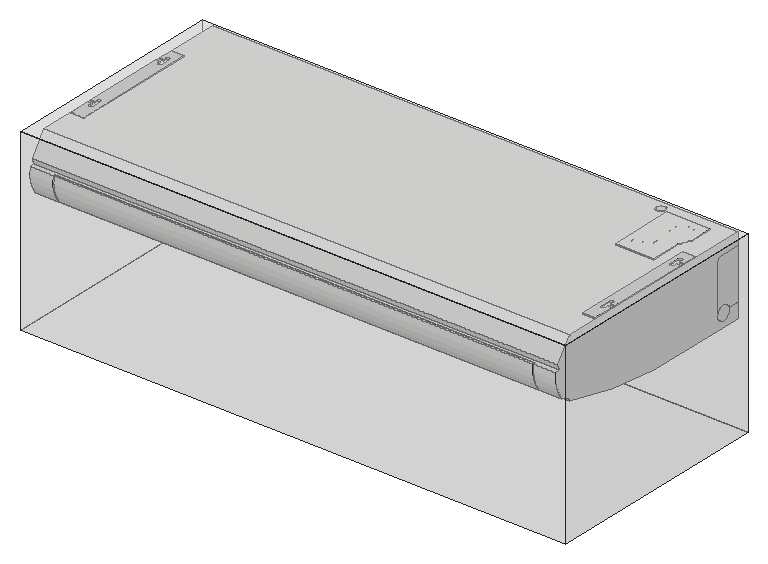
Revit family "outputfile", category 機械設備, Revit 2024
Family settings
  丸型コネクタ寸法 = 半径を使用
  パーツ タイプ = 標準
  OmniClass 番号 = 23.75.10.24.21.27.27
  OmniClass タイトル = Split System Air Conditioning Units
  作業面ベース = いいえ
  常に垂直 = はい
  ロード時にボイドで切り取り = いいえ
  注釈の向きを維持 = いいえ
  共有 = いいえ
  部屋計算ポイント = はい
Parameters (values of type "FHA42CV2S")
  Description = ""
  製造元 = "Daikin"
  書き出し IFC クラス(タイプ) = "IfcUnitaryEquipmentType"
  定義済み IFC タイプ(タイプ) = "AIRCONDITIONINGUNIT"
  Cost = 0
  モデル = "FHA42CV2S"
  Type Comments = ""
  Keynote = ""
  Type Image = (empty or 0)
  Assembly Code = ""
  switch_frequency = yes
  r_Liquid Pipe Size = Liquid Pipe Size / 2  # 4.75 mm
  r_Gas Pipe Size = Gas Pipe Size / 2  # 7.95 mm
  r_Drain Pipe Size = Drain Pipe Size / 2  # 10.0 mm
  l_powersupply [instance] = if(Rear Right Connection_powersupply, 29.0 mm, 175.0 mm)  # 29.0 mm
  h_mountinghole = 2.0 mm  # constant formula
  connector_voltage = Voltage_50Hz  # 220 V
  connector_powerinput = [Power Input (Cooling)]  # 0.000 kW
  connector_phase = Phase_50Hz  # 1
  angle_vertical_powersupply [instance] = if(Rear Right Connection_powersupply, 90.00°, 180.00°)  # 90.00°
  angle_vertical_drainpipe [instance] = if(or(Left Connection_drainpipe, Right Connection_drainpipe), 90.00°, if(Top Connection_drainpipe, 180.00°, -90.00°))  # -90.00°
  angle_horizontal_powersupply [instance] = if(Rear Right Connection_powersupply, 180.00°, 0.00°)  # 180.00°
  angle_horizontal_drainpipe [instance] = if(Right Connection_drainpipe, 90.00°, if(Left Connection_drainpipe, -90.00°, 0.00°))  # 0.00°
  Voltage_comment_50Hz = "220 - 240"
  Voltage_50Hz = 220 V
  URL = ""
  Top Connection_refrigerant [instance] = no
  Top Connection_powersupply [instance] = not(Rear Right Connection_powersupply)  # no
  Right Connection_refrigerant [instance] = no
  Rear Right Connection_refrigerant [instance] = yes
  Phase_50Hz = 1
  Minimum Circuit Amps_50Hz = 0.0 A
  Maximum Fuse Amps_50Hz = 0.0 A
  Material_Casing = DAIKIN_White_Casing_indoorunit
  lw_powersupply [instance] = if(Rear Right Connection_powersupply, 220.0 mm, 210.0 mm)  # 220.0 mm
  lw_mountinghole_pitch = Width - 40.0 mm  # 1550.0 mm
  lw_mountinghole = 20.0 mm  # constant formula
  lw_liquidpipe [instance] = if(Right Connection_refrigerant, 156.0 mm, if(Top Connection_refrigerant, 156.0 mm, 136.0 mm))  # 136.0 mm
  lw_gaspipe = 105.0 mm  # constant formula
  lw_drainpipe [instance] = if(Top Connection_drainpipe, 102.0 mm, if(Width = 960.0 mm, if(or(Left Connection_drainpipe, Rear Left Connection_drainpipe), 884.0 mm, 83.0 mm), if(Width = 1270.0 mm, if(or(Left Connection_drainpipe, Rear Left Connection_drainpipe), 1194.0 mm, 83.0 mm), if(Width = 1590.0 mm, if(or(Left Connection_drainpipe, Rear Left Connection_drainpipe), 1514.0 mm, 83.0 mm), 83.0 mm))))  # 83.0 mm
  lh_powersupply = 175.0 mm  # constant formula
  lh_liquidpipe [instance] = if(Rear Right Connection_refrigerant, 160.0 mm, 131.0 mm)  # 160.0 mm
  lh_gaspipe [instance] = if(Rear Right Connection_refrigerant, 150.0 mm, 91.0 mm)  # 150.0 mm
  lh_drainpipe = 197.0 mm  # constant formula
  l_antena = 1.0 mm  # constant formula
  ld_powersupply = 30.0 mm  # constant formula
  ld_mountinghole_pitch = 260.0 mm  # constant formula
  ld_mountinghole = 210.0 mm  # constant formula
  ld_liquidpipe [instance] = if(Right Connection_refrigerant, 57.0 mm, if(Top Connection_refrigerant, 189.0 mm, 221.0 mm))  # 221.0 mm
  ld_gaspipe [instance] = if(Right Connection_refrigerant, 57.0 mm, if(Top Connection_refrigerant, 163.0 mm, 214.0 mm))  # 214.0 mm
  ld_drainpipe [instance] = if(or(Left Connection_drainpipe, Right Connection_drainpipe), 57.0 mm, if(Top Connection_drainpipe, 87.0 mm, 268.0 mm))  # 268.0 mm
  l_liquidpipe_length [instance] = if(Right Connection_refrigerant, 156.0 mm, if(Top Connection_refrigerant, 131.0 mm, 220.0 mm))  # 220.0 mm
  l_gaspipe_length [instance] = if(Right Connection_refrigerant, 105.0 mm, if(Top Connection_refrigerant, 91.0 mm, 213.0 mm))  # 213.0 mm
  l_drainpipe_length [instance] = if(Right Connection_drainpipe, 83.0 mm, if(Top Connection_drainpipe, 197.0 mm, if(Left Connection_drainpipe, 76.0 mm, 267.0 mm)))  # 267.0 mm
  h*** = 0.0 mm  # constant formula
  angle_vertical [instance] = if(Right Connection_refrigerant, 90.00°, if(Top Connection_refrigerant, 180.00°, -90.00°))  # -90.00°
  angle_horizontal [instance] = if(Right Connection_refrigerant, 90.00°, 0.00°)  # 0.00°
  Width = 1590.0 mm
  Version = "ver.1.0"
  Unit Type = "Ceiling"
  Unit Mass Weight = 38.00 kg
  Unit Designation [instance] = ""
  Uniclass2015Version = "Products v1.30"
  Uniclass2015Title = "Split coil room air conditioning units"
  Uniclass2015Code = "Pr_70_65_03_86"
  Total Cooling Capacity [instance] = 0.000 kW
  Top Connection_drainpipe [instance] = no
  Sound Pressure Level_M speed (dBA) = 41
  Sound Pressure Level_L speed (dBA) = 37
  Sound Pressure Level_H speed (dBA) = 44
  Series = "SkyAir_Fan Coil Unit"
  Sensible Cooling Capacity [instance] = 0.000 kW
  Rear Right Connection_drainpipe [instance] = yes
  Rear Right Connection_powersupply [instance] = yes
  Right Connection_drainpipe [instance] = no
  Refrigerant Type = "R32"
  Power Input (Cooling) = 0.000 kW
  Option Accessory 3 [instance] = ""
  Option Accessory 2 [instance] = ""
  Option Accessory 1 [instance] = ""
  Nominal Cooling Capacity = 12.300 kW
  Minimum Airflow = 1380.00 m³/h
  Median Airflow = 1620.00 m³/h
  Maximum Airflow = 1860.00 m³/h
  Load Classification = HVAC
  Liquid Pipe Size = 9.5 mm
  Link_Nested Family [instance] = ""
  Rear Left Connection_drainpipe [instance] = no
  Left Connection_drainpipe [instance] = no
  IfcVersion = ""
  IfcExportType = "AIRCONDITIONINGUNIT"
  IfcExportAs = "IfcUnitaryEquipmentType"
  Height = 235.0 mm
  Heat Exchanger Type = "Cross Fin Coil"
  Gas Pipe Size = 15.9 mm
  Frequency_50Hz = 50 Hz
  Fan Type = "Sirocco Fan"
  Fan Drive = "Direct Drive"
  FCU Tag No. [instance] = ""
  Drain Pipe Size = 20.0 mm
  Design Supply Airflow [instance] = 0.00 m³/h
  Design Outdoor Airflow [instance] = 0.00 m³/h
  Depth = 690.0 mm
  既定の高さ = 0.0 mm
  Cooling Entering Wet Bulb Temperature [instance] = 0.00 °C
  Cooling Entering Dry Bulb Temperature [instance] = 0.00 °C
  Cooling Ambient Wet Bulb Temperature [instance] = 0.00 °C
  Cooling Ambient Dry Bulb Temperature [instance] = 0.00 °C
  Clearance visibility [instance] = yes
  Clearance Top = 5.0 mm
  Clearance Right = 30.0 mm
  Clearance Rear = 0.0 mm
  Clearance Left = 30.0 mm
  Clearance Front = 0.0 mm
  Clearance Bottom = 300.0 mm
Reference planes
  plane 1 "Back": y = 0
  plane 2: z = 0
  plane 3 "Center (Left/Right)": x = 0
  plane 4 "Center (Front/Back)": y = -1
  plane 5 "Front": y = -690
  plane 6 "Left": x = -795
  plane 7 "Right": x = 795
  plane 8 "Top": z = 0
  plane 9 "Bottom": z = -235
  plane 10: y = -690
  plane 11: x = -825
  plane 12: x = 825
  plane 13: z = 5
  plane 14: z = -535
  plane 15: y = 0
  plane 16 "lw_mountinghole": x = -775
  plane 17 "lw_mountinghole2": x = 775
  plane 18 "ld_mountinghole": y = -210
  plane 19 "ld_mountinghole2": y = -470
  plane 20 "lw_gaspipe": x = 690
  plane 21 "ld_gaspipe": y = -214
  plane 22 "lh_gaspipe": z = -150
  plane 23 "lw_liquidpipe": x = 659
  plane 24 "ld_liquidpipe": y = -221
  plane 25 "lh_liquidpipe": z = -160
  plane 26 "ld_drainpipe": y = -268
  plane 27 "lw_drainpipe": x = 712
  plane 28 "lh_drainpipe": z = -197
  plane 29 "lw_powersupply": x = 575
  plane 30 "lh_powersupply": z = -175
  plane 31 "ld_powersupply": y = -30
  plane 32: x = -725.5
  plane 33: x = 725.5
  plane 34: x = -750
  plane 35: x = 750
  plane 36: x = -2
  plane 37: x = 2
Forms (mm)
  Extrusion 1, solid, material "DAIKIN_White_Casing_indoorunit" <- "Material_Casing"
    sketch origin (0, 0, 0) x (0, 1, 0) y (0, 0, 1)
      loop
        line (-639.277, 0) -> (-680.876, -61.699) -> (-675.026, -77.772)
        arc (-675.026, -77.772) -> (-681.815, -78.743) -> (-688.601, -79.732) r 2634.132
        arc (-688.601, -79.732) -> (-687.018, -121.096) -> (-669.159, -158.439) r 102.2
        line (-669.159, -158.439) -> (-639.858, -169.325) -> (-635.895, -178.261)
        arc (-635.895, -178.261) -> (-479.121, -215.759) -> (-319.077, -235) r 1400.997
        line (-319.077, -235) -> (-1, -235) -> (-1, 0) -> (-639.277, 0)
    from -795 to 795
  Extrusion 2, solid, material "DAIKIN_White_Casing_indoorunit" <- "Material_Casing"
    sketch origin (0, 0, 0) x (0, 1, 0) y (0, 0, 1)
      loop
        arc (-688.601, -79.732) -> (-687.018, -121.096) -> (-669.159, -158.439) r 102.2
        line (-669.159, -158.439) -> (-665.589, -154.869)
        arc (-665.589, -154.869) -> (-682.432, -118.783) -> (-683.39, -78.971) r 97.2
        arc (-683.39, -78.971) -> (-685.996, -79.351) -> (-688.601, -79.732) r 2634.132
    from -725.5 to 725.5
  Extrusion 3, void
    sketch origin (0, 0, 0) x (0, 1, 0) y (0, 0, 1)
      loop
        line (-301.098, -235) -> (-21.098, -235) -> (-21.098, -230) -> (-301.098, -230) -> (-301.098, -235)
    from -750 to 750
  Extrusion 4, solid, material "DAIKIN_White_Grille_indoorunit"
    sketch origin (0, 0, 0) x (0, 1, 0) y (0, 0, 1)
      loop
        line (-20.098, -230) -> (-301.098, -230) -> (-301.098, -235) -> (-20.098, -235) -> (-20.098, -230)
    from -750 to -2
  Extrusion 5, solid, material "DAIKIN_White_Casing_indoorunit" <- "Material_Casing"
    sketch origin (0, 0, 0) x (1, 0, 0) y (0, 0, 1)
      loop
        line (602, -63) -> (602, -178) -> (673, -220) -> (736, -220) -> (736, -63) -> (602, -63)
    from 0 to 1
  Extrusion 6, solid, material "DAIKIN_White_Casing_indoorunit" <- "Material_Casing"
    sketch origin (0, 0, 0) x (-1, 0, 0) y (0, -1, 0)
      loop
        line (-607, 35) -> (-607, 230) -> (-723, 230) -> (-723, 135) -> (-738, 105) -> (-738, 35) -> (-607, 35)
    from 0 to 1.9
  Extrusion 7, void
    sketch origin (795, 0, 0) x (0, 1, 0) y (0, 0, 1)
      loop
        arc (-79.5, -195) -> (-55.446, -217.446) -> (-34.715, -191.9) r 22.5
        line (-34.715, -191.9) -> (-1, -191.9) -> (-1, -190.1) -> (-35.04, -190.1)
        arc (-35.04, -190.1) -> (-54.942, -172.594) -> (-77.7, -186.182) r 22.5
        line (-77.7, -186.182) -> (-77.7, -43)
        arc (-77.7, -43) -> (-76.528, -40.172) -> (-73.7, -39) r 4
        line (-73.7, -39) -> (-1, -39) -> (-1, -37.2) -> (-73.7, -37.2)
        arc (-73.7, -37.2) -> (-77.801, -38.899) -> (-79.5, -43) r 5.8
        line (-79.5, -43) -> (-79.5, -195)
      loop
        circle (-57, -195) r 20.7
    from 0 to -10
  Extrusion 8, void
    sketch origin (-1444.026, -1, 1200) x (1, 0, 0) y (0, 0, 1)
      loop
        arc (715.026, -1375) -> (704.42, -1379.393) -> (700.026, -1390) r 15
        line (700.026, -1390) -> (700.026, -1400)
        arc (700.026, -1400) -> (704.42, -1410.607) -> (715.026, -1415) r 15
        line (715.026, -1415) -> (745.026, -1415)
        arc (745.026, -1415) -> (755.633, -1410.607) -> (760.026, -1400) r 15
        line (760.026, -1400) -> (760.026, -1390)
        arc (760.026, -1390) -> (755.633, -1379.393) -> (745.026, -1375) r 15
        line (745.026, -1375) -> (715.026, -1375)
    from 0 to 10
  Extrusion 9, void
    sketch origin (-795, 0, 0) x (0, 1, 0) y (0, 0, 1)
      loop
        circle (-57, -197) r 22.5
    from 0 to 10
  Extrusion 10, void
    sketch origin (-1444.026, -1, 1200) x (1, 0, 0) y (0, 0, 1)
      loop
        circle (2136.026, -1375) r 44
    from 0 to 10
  Extrusion 11, void
    sketch origin (0, 0, 0) x (-1, 0, 0) y (0, -1, 0)
      loop
        circle (-693, 87) r 30
    from 0 to -10
  Extrusion 12, void
    sketch origin (0, 0, 0) x (-1, 0, 0) y (0, -1, 0)
      loop
        circle (-690, 163) r 18
    from 0 to -10
  Extrusion 13, void
    sketch origin (0, 0, 0) x (-1, 0, 0) y (0, -1, 0)
      loop
        circle (-639, 189) r 13
    from 0 to -10
  Extrusion 14, void
    sketch origin (-1444.026, -1, 1200) x (1, 0, 0) y (0, 0, 1)
      loop
        circle (2019.026, -1375) r 14.5
    from 0 to 10
  Extrusion 15, void
    sketch origin (0, 0, 0) x (-1, 0, 0) y (0, -1, 0)
      loop
        circle (-585, 30) r 14.5
    from 0 to -10
  Extrusion 16, void
    sketch origin (795, 0, 0) x (0, 1, 0) y (0, 0, 1)
      loop
        arc (-665.589, -154.869) -> (-682.432, -118.783) -> (-683.39, -78.971) r 97.2
        arc (-683.39, -78.971) -> (-685.996, -79.351) -> (-688.601, -79.732) r 2634.132
        arc (-688.601, -79.732) -> (-687.018, -121.096) -> (-669.159, -158.439) r 102.2
        line (-669.159, -158.439) -> (-665.589, -154.869)
    from -69.5 to -1520.5
  Extrusion 17, solid, material "DAIKIN_White_Casing_indoorunit" <- "Material_Casing"
    sketch origin (-795, 0, 0) x (0, 1, 0) y (0, 0, 1)
      loop
        circle (-57, -197) r 22.5
    from 0 to 10
  Extrusion 18, solid, material "DAIKIN_White_Grille_indoorunit"
    sketch origin (780, 0, 0) x (0, 1, 0) y (0, 0, 1)
      loop
        line (-20.098, -230) -> (-301.098, -230) -> (-301.098, -235) -> (-20.098, -235) -> (-20.098, -230)
    from -782 to -778
  Extrusion 19, solid, material "DAIKIN_White_Grille_indoorunit"
    sketch origin (0, 0, 0) x (0, 1, 0) y (0, 0, -1)
      loop
        line (-20.098, 230) -> (-20.098, 235) -> (-301.098, 235) -> (-301.098, 230) -> (-20.098, 230)
    from -750 to -2
Cuts and joins
  Extrusion 3, Extrusion 7, Extrusion 8, Extrusion 9, Extrusion 10, Extrusion 11, Extrusion 12, Extrusion 13, Extrusion 14, Extrusion 15, Extrusion 16 cuts Extrusion 1
Lines and regions (mm)
  reference lines
    curve 1: line (795, -580.282, -192.75) -> (795, -551.225, -200.21)
Dimensions and locks
  equal spacing: plane 6 "Left", plane 3 "Center (Left/Right)", plane 7 "Right"
  "Width": plane 6 "Left" to plane 7 "Right"
  "Depth": plane 5 "Front" to plane 1 "Back"
  "Height": plane 8 "Top" to plane 9 "Bottom"
  "Clearance Front": plane 10 to plane 5 "Front"
  "Clearance Left": plane 11 to plane 6 "Left"
  "Clearance Right": plane 7 "Right" to plane 12
  "Clearance Top": plane 13 to plane 8 "Top"
  "Clearance Bottom": plane 9 "Bottom" to plane 14
  "Clearance Rear": plane 1 "Back" to plane 15
  locked: plane 4 "Center (Front/Back)" to plane 1 "Back" at 1
  locked: Extrusion 1 sketch curve to Extrusion 1 sketch curve at 235
  locked: Extrusion 1 sketch curve to Extrusion 1 sketch curve at 318.077
  locked: Extrusion 1 sketch curve to Extrusion 1 sketch curve at 1163.297
  locked: Extrusion 1 sketch curve to Extrusion 1 sketch curve at 231.144
  Extrusion 3 sketch curve to Extrusion 3 sketch curve to plane 1 "Back" = 280.0 mm locked, 21.098 mm locked
  "ld_mountinghole": plane 18 "ld_mountinghole" to plane 1 "Back"
  "ld_mountinghole_pitch": plane 18 "ld_mountinghole" to plane 19 "ld_mountinghole2"
  "lw_mountinghole_pitch": plane 16 "lw_mountinghole" to plane 17 "lw_mountinghole2"
  "lw_mountinghole": plane 6 "Left" to plane 16 "lw_mountinghole"
  "lw_gaspipe": plane 20 "lw_gaspipe" to plane 7 "Right"
  "ld_gaspipe": plane 1 "Back" to plane 21 "ld_gaspipe"
  "lw_liquidpipe": plane 23 "lw_liquidpipe" to plane 7 "Right"
  "ld_liquidpipe": plane 1 "Back" to plane 24 "ld_liquidpipe"
  "lw_drainpipe": plane 27 "lw_drainpipe" to plane 7 "Right"
  "ld_drainpipe": plane 26 "ld_drainpipe" to plane 1 "Back"
  plane 8 "Top" to Extrusion 5 sketch curve to Extrusion 5 sketch curve = 63.0 mm locked, 157.0 mm locked
  plane 7 "Right" to Extrusion 5 sketch curve to Extrusion 5 sketch curve = 59.0 mm locked, 134.0 mm locked
  locked: Extrusion 5 sketch curve to Extrusion 5 sketch curve at 115
  locked: Extrusion 5 sketch curve to Extrusion 5 sketch curve at 63
  locked: Extrusion 6 sketch curve to Extrusion 6 sketch curve at 195
  locked: Extrusion 6 sketch curve to Extrusion 6 sketch curve at 116
  locked: Extrusion 6 sketch curve to Extrusion 6 sketch curve at 131
  locked: Extrusion 6 sketch curve to Extrusion 6 sketch curve at 100
  locked: Extrusion 6 sketch curve to plane 1 "Back" at 35
  locked: Extrusion 6 sketch curve to plane 7 "Right" at 57
  locked: Extrusion 8 sketch curve to Extrusion 8 sketch curve at 40
  locked: Extrusion 8 sketch curve to Extrusion 8 sketch curve at 60
  locked: plane 8 "Top" to Extrusion 8 sketch curve at 175
  locked: Extrusion 8 sketch curve to plane 6 "Left" at 51
  locked: plane 7 "Right" to Extrusion 10 sketch curve at 103
  locked: plane 8 "Top" to Extrusion 10 sketch curve at 175
  locked: Extrusion 11 sketch curve to plane 1 "Back" at 87
  locked: Extrusion 11 sketch curve to plane 7 "Right" at 102
  locked: Extrusion 12 sketch curve to plane 1 "Back" at 163
  locked: Extrusion 12 sketch curve to plane 7 "Right" at 105
  locked: Extrusion 13 sketch curve to plane 1 "Back" at 189
  locked: Extrusion 13 sketch curve to plane 7 "Right" at 156
  "lw_powersupply": plane 29 "lw_powersupply" to plane 7 "Right"
  "lh_gaspipe": plane 8 "Top" to plane 22 "lh_gaspipe"
  "lh_liquidpipe": plane 8 "Top" to plane 25 "lh_liquidpipe"
  "lh_powersupply": plane 8 "Top" to plane 30 "lh_powersupply"
  "lh_drainpipe": plane 8 "Top" to plane 28 "lh_drainpipe"
  "ld_powersupply": plane 1 "Back" to plane 31 "ld_powersupply"
  locked: plane 8 "Top" to Extrusion 7 sketch curve at 195
  locked: Extrusion 7 sketch curve to plane 1 "Back" at 57
  locked: plane 9 "Bottom" to Extrusion 7 sketch curve at 43.1
  locked: Extrusion 7 sketch curve to plane 8 "Top" at 39
  locked: Extrusion 7 sketch curve to plane 1 "Back" at 79.5
  locked: Extrusion 9 sketch curve to plane 1 "Back" at 57
  locked: plane 8 "Top" to Extrusion 9 sketch curve at 197
  locked: Extrusion 17 sketch curve to plane 1 "Back" at 57
  locked: plane 8 "Top" to Extrusion 17 sketch curve at 197
  locked: plane 7 "Right" to Extrusion 14 sketch curve at 220
  locked: plane 8 "Top" to Extrusion 14 sketch curve at 175
  locked: Extrusion 15 sketch curve to plane 7 "Right" at 210
  locked: Extrusion 15 sketch curve to plane 1 "Back" at 30
  locked: curve 1 to plane 9 "Bottom" at 34.79
  locked: curve 1 to plane 9 "Bottom" at 42.25
  locked: plane 6 "Left" to plane 32 at 69.5
  locked: plane 33 to plane 7 "Right" at 69.5
  locked: plane 35 to plane 7 "Right" at 45
  locked: plane 6 "Left" to plane 34 at 45
  plane 36 to plane 3 "Center (Left/Right)" to plane 37 = 2.0 mm locked, 2.0 mm locked
  locked: curve 1 to plane 9 "Bottom" (angle 14.40°)
  aligned and locked: level to plane 2
  aligned and locked: nested 1 to plane 11
  aligned and locked: nested 1 to plane 12
  aligned and locked: nested 1 to plane 10
  aligned and locked: plane 13 to nested 1
  aligned and locked: plane 14 to nested 1
  aligned and locked: plane 15 to nested 1
  aligned and locked: Extrusion 1 sketch curve to plane 8 "Top"
  aligned and locked: Extrusion 2 sketch curve to Extrusion 1  (x2)
  aligned and locked: plane 7 "Right" to Extrusion 1
  aligned and locked: Extrusion 1 to plane 6 "Left"
  aligned and locked: cut or joined group 1 (Extrusion 1, Extrusion 3, Extrusion 7, Extrusion 8, Extrusion 9, Extrusion 10, Extrusion 11, Extrusion 12, Extrusion 13, Extrusion 14, Extrusion 15, Extrusion 16) to Extrusion 3 sketch curve
  aligned and locked: cut or joined group 1 to Extrusion 4 sketch curve
  aligned and locked: Extrusion 5 to plane 4 "Center (Front/Back)"
  aligned and locked: Extrusion 7 sketch curve to plane 4 "Center (Front/Back)"
  aligned and locked: Extrusion 16 sketch curve to Extrusion 2  (x4)
  aligned and locked: Extrusion 16 to Extrusion 2  (x2)
  aligned and locked: nested 2 to plane 26 "ld_drainpipe"
  aligned and locked: plane 27 "lw_drainpipe" to nested 2
  aligned and locked: plane 20 "lw_gaspipe" to nested 3
  aligned and locked: nested 3 to plane 21 "ld_gaspipe"
  aligned and locked: plane 23 "lw_liquidpipe" to nested 4
  aligned and locked: nested 4 to plane 24 "ld_liquidpipe"
  aligned and locked: plane 25 "lh_liquidpipe" to nested 4
  aligned and locked: nested 5 to plane 31 "ld_powersupply"
  aligned and locked: plane 29 "lw_powersupply" to nested 5
  aligned and locked: nested 7 to plane 18 "ld_mountinghole"
  aligned and locked: plane 16 "lw_mountinghole" to nested 7
  aligned and locked: nested 6 to plane 19 "ld_mountinghole2"
  aligned and locked: plane 16 "lw_mountinghole" to nested 6
  aligned and locked: nested 9 to plane 18 "ld_mountinghole"
  aligned and locked: plane 17 "lw_mountinghole2" to nested 9
  aligned and locked: plane 17 "lw_mountinghole2" to nested 8
  aligned and locked: nested 8 to plane 19 "ld_mountinghole2"
  aligned and locked: nested 10 to curve 1
  aligned and locked: level to plane 8 "Top"
  aligned and locked: cut or joined group 1 to plane 32
  aligned and locked: plane 33 to cut or joined group 1
  aligned and locked: Extrusion 16 to plane 32
  aligned and locked: plane 33 to Extrusion 16
  aligned and locked: Extrusion 4 to plane 34
  aligned and locked: cut or joined group 1 to plane 34
  aligned and locked: plane 34 to Extrusion 4  (x3)
  aligned and locked: plane 16 "lw_mountinghole" to nested 11
  aligned and locked: plane 17 "lw_mountinghole2" to nested 12
  aligned and locked: plane 36 to Extrusion 4
  aligned and locked: Extrusion 18 to plane 36
  aligned and locked: plane 37 to Extrusion 18
  aligned and locked: Extrusion 19 to plane 37
  aligned and locked: plane 37 to Extrusion 19
  aligned and locked: plane 35 to Extrusion 19
  aligned and locked: plane 35 to Extrusion 3
  aligned and locked: Extrusion 4 to cut or joined group 1
  aligned and locked: cut or joined group 1 to Extrusion 18
  aligned and locked: cut or joined group 1 to Extrusion 19
Automatic sketch dimensions
  Extrusion 1 sketch curve to plane 4 "Center (Front/Back)" = 0.0 mm
  Extrusion 1 sketch curve to plane 5 "Front" = 102.2 mm
  Extrusion 1 sketch curve to plane 30 "lh_powersupply" = 3.261 mm
  Extrusion 1 sketch curve to plane 5 "Front" = 50.723 mm
  plane 30 "lh_powersupply" to Extrusion 1 sketch curve = 5.675 mm
  Extrusion 1 sketch curve to Extrusion 1 sketch curve = 3.963 mm
  plane 25 "lh_liquidpipe" to Extrusion 1 sketch curve = 1.561 mm
  Extrusion 1 sketch curve to plane 5 "Front" = 20.841 mm
  Extrusion 1 sketch curve to plane 5 "Front" = 14.974 mm
  Extrusion 1 sketch curve to plane 5 "Front" = 9.124 mm
  Extrusion 1 sketch curve to plane 26 "ld_drainpipe" = 37.278 mm
  Extrusion 1 sketch curve to plane 14 = 2150.825 mm
  plane 22 "lh_gaspipe" to Extrusion 1 sketch curve = 53.413 mm
  Extrusion 1 sketch curve to level = 77.772 mm
  Extrusion 1 sketch curve to Extrusion 1 sketch curve = 16.072 mm
  Extrusion 2 sketch curve to Extrusion 2 sketch curve = 0.0 mm  (x2)
  plane 25 "lh_liquidpipe" to Extrusion 2 sketch curve = 1.561 mm
  Extrusion 2 sketch curve to plane 22 "lh_gaspipe" = 4.869 mm
  Extrusion 2 sketch curve to Extrusion 2 sketch curve = 3.57 mm
  Extrusion 3 sketch curve to Extrusion 3 sketch curve = 5.0 mm
  plane 31 "ld_powersupply" to Extrusion 4 sketch curve = 9.902 mm
  Extrusion 4 sketch curve to Extrusion 4 sketch curve = 5.0 mm
  Extrusion 6 sketch curve to Extrusion 6 sketch curve = 30.0 mm
  Extrusion 7 sketch curve to Extrusion 7 sketch curve = 0.0 mm  (x6)
  Extrusion 7 sketch curve to plane 4 "Center (Front/Back)" = 0.0 mm  (x2)
  Extrusion 7 sketch curve to Extrusion 7 sketch curve = 1.8 mm  (x2)
  Extrusion 7 sketch curve to Extrusion 7 sketch curve = 4.0 mm
  Extrusion 7 sketch curve to Extrusion 7 sketch curve = 0.325 mm
  Extrusion 8 sketch curve to plane 32 = 3.5 mm  (x2)
  Extrusion 8 sketch curve to plane 28 "lh_drainpipe" = 3.0 mm
  Extrusion 8 sketch curve to Extrusion 8 sketch curve = 15.0 mm
  curve 1 to plane 5 "Front" = 109.718 mm
  Extrusion 18 sketch curve to plane 9 "Bottom" = 0.0 mm
  plane 9 "Bottom" to Extrusion 18 sketch curve = 5.0 mm
  Extrusion 18 sketch curve to plane 26 "ld_drainpipe" = 33.098 mm
  plane 31 "ld_powersupply" to Extrusion 18 sketch curve = 9.902 mm
  Extrusion 19 sketch curve to plane 9 "Bottom" = 0.0 mm
  plane 9 "Bottom" to Extrusion 19 sketch curve = 5.0 mm
  Extrusion 19 sketch curve to plane 26 "ld_drainpipe" = 33.098 mm
  plane 31 "ld_powersupply" to Extrusion 19 sketch curve = 9.902 mm
  Extrusion 4 sketch curve to plane 26 "ld_drainpipe" = 33.098 mm
  radius of Extrusion 7 sketch curve = 20.7 mm
  radius of Extrusion 9 sketch curve = 22.5 mm
  radius of Extrusion 10 sketch curve = 44.0 mm
  radius of Extrusion 11 sketch curve = 30.0 mm
  radius of Extrusion 12 sketch curve = 18.0 mm
  radius of Extrusion 13 sketch curve = 13.0 mm
  radius of Extrusion 14 sketch curve = 14.5 mm
  radius of Extrusion 15 sketch curve = 14.5 mm
  radius of Extrusion 17 sketch curve = 22.5 mm
Nested families
  nested 1: "daikin_clearancespace" at (0, -345, -264.881), visible <- "Clearance visibility", show <- "Clearance visibility", Link_Nested Family <- "Link_Nested Family", type "daikin_clearancespace"
    with width 1650.0 mm, show yes, height 540.0 mm, depth 690.0 mm, Link_Nested Family ""
  nested 2: "daikin_connector_rotate3" at (712, -268, -197), radius <- "r_Drain Pipe Size", angle_vertical <- "angle_vertical_drainpipe", angle_horizontal <- "angle_horizontal_drainpipe", length <- "l_drainpipe_length", type "daikin_connector_rotate3"
    with show no, radius 10.0 mm, length 267.0 mm, angle_vertical -90.00°, angle_horizontal 0.00°
  nested 3: "daikin_connector_rotate3" at (690, -214, -150), radius <- "r_Gas Pipe Size", angle_vertical <- "angle_vertical", angle_horizontal <- "angle_horizontal", length <- "l_gaspipe_length", type "daikin_connector_rotate3"
    with show no, radius 7.95 mm, length 213.0 mm, angle_vertical -90.00°, angle_horizontal 0.00°
  nested 4: "daikin_connector_rotate3" at (659, -221, -160), radius <- "r_Liquid Pipe Size", angle_vertical <- "angle_vertical", angle_horizontal <- "angle_horizontal", length <- "l_liquidpipe_length", type "daikin_connector_rotate3"
    with show no, radius 4.75 mm, length 220.0 mm, angle_vertical -90.00°, angle_horizontal 0.00°
  nested 5: "daikin_connector_rotate3" at (575, -30, -175), length <- "l_powersupply", angle_vertical <- "angle_vertical_powersupply", angle_horizontal <- "angle_horizontal_powersupply", type "daikin_connector_rotate3"
    with show no, radius 10.0 mm, length 29.0 mm, angle_vertical 90.00°, angle_horizontal 180.00°
  nested 6: "daikin_mountinghole" at (-775, -470, 0), l_antenna <- "l_antena", Link_Nested Family <- "Link_Nested Family", h_mountinghole <- "h_mountinghole", type "daikin_mountinghole"
    with show yes, l_antenna 1.0 mm, h_mountinghole 2.0 mm, Link_Nested Family ""
  nested 7: "daikin_mountinghole" at (-775, -210, 0), l_antenna <- "l_antena", Link_Nested Family <- "Link_Nested Family", h_mountinghole <- "h_mountinghole", type "daikin_mountinghole"
    with show yes, l_antenna 1.0 mm, h_mountinghole 2.0 mm, Link_Nested Family ""
  nested 8: "daikin_mountinghole" at (775, -470, 0), l_antenna <- "l_antena", Link_Nested Family <- "Link_Nested Family", h_mountinghole <- "h_mountinghole", type "daikin_mountinghole"
    with show yes, l_antenna 1.0 mm, h_mountinghole 2.0 mm, Link_Nested Family ""
  nested 9: "daikin_mountinghole" at (775, -210, 0), Link_Nested Family <- "Link_Nested Family", l_antenna <- "l_antena", h_mountinghole <- "h_mountinghole", type "daikin_mountinghole"
    with show yes, l_antenna 1.0 mm, h_mountinghole 2.0 mm, Link_Nested Family ""
  nested 10: "daikin_logo_plane_w40" at (647.963, -559.801, -198.008) x (1, 0, 0) z (0, -0.2487, -0.9686), type "daikin_logo_plane_w40"
    with show_logo yes
  nested 11: "daikin_hangerfixture_FHA-CV2S" at (-775, 0, 0), type "daikin_hangerfixture_FHA-CV2S"
    with width 38.0 mm, height 2.0 mm, depth 380.0 mm
  nested 12: "daikin_hangerfixture_FHA-CV2S" at (775, 0, 0) x (-1, 0, 0) z (0, 0, 1), type "daikin_hangerfixture_FHA-CV2S"
    with width 38.0 mm, height 2.0 mm, depth 380.0 mm
Connectors
  piping at (712, -1, -197), diameter 20, driven by "r_Drain Pipe Size"
    settings: on nested 2, index 1, connector inside diameter 609.6 mm, connector length 0.0 mm, flow factor 0, pipe flow 0.00 m³/h, pressure drop 0.0 Pa, fitting loss kfactor 0, connector angle 0.00°, fixture units 0, engagement length 0.0 mm, angle of deflection 0.00°, flow configuration 1, flow direction 2, fitting loss method 4, system type 16, joint type 0, gender type 0, connector reference index -1, connector utility 0, adjustable connector no, is connector primary yes, connector description "Condensate Drain Piping"
  piping at (690, -1, -150), diameter 15.9, driven by "r_Gas Pipe Size"
    settings: on nested 3, index 3, connector inside diameter 609.6 mm, connector length 0.0 mm, flow factor 0, pipe flow 0.00 m³/h, pressure drop 0.0 Pa, fitting loss kfactor 0, connector angle 0.00°, fixture units 0, engagement length 0.0 mm, angle of deflection 0.00°, flow configuration 1, flow direction 2, fitting loss method 0, system type 29, joint type 0, gender type 0, connector reference index -1, connector utility 0, adjustable connector no, is connector primary no, connector description "Refrigerant Gas Piping"
  piping at (659, -1, -160), diameter 9.5, driven by "r_Liquid Pipe Size"
    settings: on nested 4, index 4, connector inside diameter 609.6 mm, connector length 0.0 mm, flow factor 0, pipe flow 0.00 m³/h, pressure drop 0.0 Pa, fitting loss kfactor 0, connector angle 0.00°, fixture units 0, engagement length 0.0 mm, angle of deflection 0.00°, flow configuration 1, flow direction 1, fitting loss method 0, system type 29, joint type 0, gender type 0, connector reference index -1, connector utility 0, adjustable connector no, is connector primary no, connector description "Refrigerant Liquid Piping"
  electrical at (575, -1, -175), driven by "Load Classification", driven by "connector_powerinput", driven by "connector_phase", driven by "connector_voltage"
    settings: on nested 5, index 6, voltage 220 V, apparent load 0 VA, apparent load phase1 0 VA, apparent load phase2 0 VA, apparent load phase3 0 VA, power factor 1, load classification "HVAC", number of poles 1, system type 30, power factor state 1, is connector primary yes, connector utility no, sub classification motor no, connector description "Power Supply"
Definition of nested family "daikin_clearancespace"
  Parameters (values of type "daikin_clearancespace")
    Description = "daikin_clearancespace"
    width [instance] = 1823.963 mm
    show [instance] = yes
    material = none
    height [instance] = 1359.762 mm
    depth [instance] = 880.0 mm
    Default Elevation = 0.0 mm
    Link_Nested Family [instance] = ""
  Reference planes
    plane 1 "Center (Front/Back)": y = 0
    plane 2 "Center (Elevation)": z = -0.119
    plane 3 "Center (Left/Right)": x = 0
    plane 4: y = 440
    plane 5: y = -440
    plane 6 "Right": x = 911.982
    plane 7 "Left": x = -911.982
    plane 8 "Top": z = 679.762
    plane 9 "Bottom": z = -680
  Forms (mm)
    Extrusion 1, solid, material <- "material", visible <- "show"
      sketch origin (0, 0, 0) x (1, 0, 0) y (0, 1, 0)
        loop
          line (-911.982, 440) -> (-911.982, -440) -> (911.982, -440) -> (911.982, 440) -> (-911.982, 440)
      from -680 to 679.762
  Lines and regions (mm)
    symbolic lines, visible <- "show"
      curve 1: line (911.982, 440, 0) -> (-911.982, 440, 0)
      curve 2: line (-911.982, 440, 0) -> (-911.982, -440, 0)
      curve 3: line (-911.982, -440, 0) -> (911.982, -440, 0)
      curve 4: line (911.982, -440, 0) -> (911.982, 440, 0)
      curve 5: line (911.982, 0, 679.762) -> (-911.982, 0, 679.762)
      curve 6: line (911.982, 0, -680) -> (911.982, 0, 679.762)
      curve 7: line (-911.982, 0, -680) -> (911.982, 0, -680)
      curve 8: line (-911.982, 0, 679.762) -> (-911.982, 0, -680)
      curve 9: line (0, 440, 679.762) -> (0, -440, 679.762)
      curve 10: line (0, -440, 679.762) -> (0, -440, -680)
      curve 11: line (0, 440, -680) -> (0, 440, 679.762)
      curve 12: line (0, -440, -680) -> (0, 440, -680)
  Dimensions and locks
    "width": plane 7 "Left" to plane 6 "Right"
    "depth": plane 4 to plane 5
    "height": plane 8 "Top" to plane 9 "Bottom"
    equal spacing: plane 7 "Left", plane 3 "Center (Left/Right)", plane 6 "Right"
    equal spacing: plane 4, plane 1 "Center (Front/Back)", plane 5
    equal spacing: plane 8 "Top", plane 2 "Center (Elevation)", plane 9 "Bottom"
    aligned and locked: level to plane 2 "Center (Elevation)"
    aligned and locked: Extrusion 1 sketch curve to plane 4
    aligned and locked: plane 7 "Left" to Extrusion 1 sketch curve
    aligned and locked: Extrusion 1 sketch curve to plane 5
    aligned and locked: Extrusion 1 sketch curve to plane 6 "Right"
    aligned and locked: plane 8 "Top" to Extrusion 1
    aligned and locked: curve 1 to Extrusion 1
    aligned and locked: curve 2 to Extrusion 1
    aligned and locked: curve 3 to Extrusion 1
    aligned and locked: curve 4 to Extrusion 1
    aligned and locked: curve 5 to Extrusion 1
    aligned and locked: curve 6 to Extrusion 1
    aligned and locked: curve 7 to Extrusion 1
    aligned and locked: curve 8 to Extrusion 1
    aligned and locked: curve 9 to Extrusion 1
    aligned and locked: curve 10 to Extrusion 1
    aligned and locked: curve 11 to Extrusion 1
    aligned and locked: curve 12 to Extrusion 1
    aligned and locked: Extrusion 1 to plane 9 "Bottom"
Definition of nested family "daikin_logo_plane_w40"
  Parameters (values of type "daikin_logo_plane_w40")
    width = 40.0 mm
    show_logo [instance] = yes
    material = none
    height = 0.0 mm
    depth = 0.0 mm
    Default Elevation = 1219.2 mm
  Reference planes
    plane 1 "Center (Front/Back)": y = 0
    plane 2: z = 0
    plane 3 "Center (Left/Right)": x = 0
    plane 4: z = 2
    plane 5 "left": x = -19
    plane 6: x = 19
  Forms (mm)
    Extrusion 1, solid, visible <- "show_logo"
      sketch origin (-19, 0, 0) x (1, 0, 0) y (0, 1, 0)
        loop
          line (8.902, -1.878) -> (7.789, -6.332) -> (11.13, -6.332)
          arc (11.13, -6.332) -> (12.454, -6.064) -> (13.472, -5.176) r 2.642
          arc (13.472, -5.176) -> (13.92, -4.02) -> (13.767, -2.79) r 2.537
          arc (13.767, -2.79) -> (13.452, -2.342) -> (12.982, -2.06) r 1.321
          arc (12.982, -2.06) -> (12.063, -1.902) -> (11.13, -1.878) r 6.479
          line (11.13, -1.878) -> (8.902, -1.878)
        loop
          line (10.016, -5.441) -> (10.907, -5.441)
          arc (10.907, -5.441) -> (11.591, -4.983) -> (11.988, -4.261) r 1.742
          spline (11.988, -4.261) -> (12.01, -4.155) -> (12.027, -4.03) -> (12.037, -3.893) -> (12.037, -3.747) -> (12.026, -3.598) -> (12.002, -3.451) -> (11.962, -3.31) -> (11.905, -3.181) -> (11.829, -3.069) -> (11.731, -2.978) -> (11.61, -2.913) -> (11.464, -2.88)
          line (11.464, -2.88) -> (10.573, -2.88) -> (10.016, -5.441)
        loop
          line (13.58, -6.332) -> (14.805, -6.332) -> (15.223, -5.553) -> (16.977, -5.553) -> (17.144, -6.332) -> (19.149, -6.332) -> (18.258, -1.878) -> (16.03, -1.878) -> (13.58, -6.332)
        loop
          line (16.476, -3.214) -> (15.76, -4.551) -> (16.762, -4.551) -> (16.476, -3.214)
        loop
          line (19.705, -6.332) -> (21.599, -6.332) -> (22.712, -1.878) -> (20.819, -1.878) -> (19.705, -6.332)
        loop
          line (22.712, -6.332) -> (24.606, -6.332) -> (24.908, -5.122) -> (25.831, -6.332) -> (28.17, -6.332) -> (26.388, -3.994) -> (28.949, -1.878) -> (26.945, -1.878) -> (25.401, -3.153) -> (25.719, -1.878) -> (23.826, -1.878) -> (22.712, -6.332)
        loop
          line (29.84, -1.878) -> (28.615, -6.332) -> (30.62, -6.332) -> (31.734, -1.878) -> (29.84, -1.878)
        loop
          line (31.734, -6.332) -> (33.07, -6.332) -> (33.7, -3.814) -> (34.518, -6.332) -> (36.745, -6.332) -> (37.859, -1.878) -> (36.523, -1.878) -> (35.845, -4.589) -> (34.963, -1.878) -> (32.847, -1.878) -> (31.734, -6.332)
      from 0 to 2
    Extrusion 2, solid, visible <- "show_logo"
      sketch origin (-19, 0, 0) x (1, 0, 0) y (0, 1, 0)
        loop
          line (8.7, 0) -> (4.235, 0) -> (0, -3.879) -> (0, -8) -> (8.7, 0)
      from 0 to 2
    Extrusion 3, solid, visible <- "show_logo"
      sketch origin (-19, 0, 0) x (1, 0, 0) y (0, 1, 0)
        loop
          line (0, 0) -> (0, -3.879) -> (4.235, 0) -> (0, 0)
      from 0 to 2
  Dimensions and locks
    plane 4 to plane 2 = 2.0 mm
    equal spacing: plane 5 "left", plane 3 "Center (Left/Right)", plane 6
    locked: plane 5 "left" to plane 6 at 38
    aligned and locked: level to plane 2
    aligned and locked: Extrusion 3 to plane 1 "Center (Front/Back)"  (x2)
    aligned and locked: Extrusion 2 to plane 1 "Center (Front/Back)"  (x2)
    aligned and locked: plane 4 to Extrusion 1
    aligned and locked: plane 4 to Extrusion 3
    aligned and locked: plane 4 to Extrusion 2
    aligned and locked: Extrusion 3 to plane 5 "left"
    aligned and locked: Extrusion 2 to plane 5 "left"
  Automatic sketch dimensions
    Extrusion 1 sketch curve to Extrusion 1 sketch curve = 0.901 mm
    Extrusion 1 sketch curve to Extrusion 1 sketch curve = 1.559 mm
    Extrusion 1 sketch curve to Extrusion 1 sketch curve = 1.327 mm
    Extrusion 1 sketch curve to Extrusion 1 sketch curve = 2.145 mm
    Extrusion 1 sketch curve to Extrusion 1 sketch curve = 1.448 mm
    Extrusion 1 sketch curve to Extrusion 1 sketch curve = 2.116 mm
    Extrusion 1 sketch curve to Extrusion 1 sketch curve = 1.114 mm  (x4)
    Extrusion 1 sketch curve to Extrusion 1 sketch curve = 1.336 mm  (x2)
    plane 1 "Center (Front/Back)" to Extrusion 1 sketch curve = 1.878 mm  (x5)
    Extrusion 1 sketch curve to Extrusion 1 sketch curve = 1.893 mm  (x5)
    Extrusion 1 sketch curve to Extrusion 1 sketch curve = 0.891 mm  (x4)
    Extrusion 1 sketch curve to Extrusion 1 sketch curve = 2.005 mm  (x3)
    Extrusion 1 sketch curve to Extrusion 1 sketch curve = 0.445 mm  (x2)
    plane 1 "Center (Front/Back)" to Extrusion 1 sketch curve = 3.994 mm
    Extrusion 1 sketch curve to Extrusion 1 sketch curve = 0.557 mm  (x2)
    Extrusion 1 sketch curve to Extrusion 1 sketch curve = 2.339 mm  (x2)
    Extrusion 1 sketch curve to Extrusion 1 sketch curve = 1.225 mm  (x3)
    plane 1 "Center (Front/Back)" to Extrusion 1 sketch curve = 3.153 mm
    Extrusion 1 sketch curve to Extrusion 1 sketch curve = 0.987 mm
    plane 1 "Center (Front/Back)" to Extrusion 1 sketch curve = 5.122 mm
    Extrusion 1 sketch curve to Extrusion 1 sketch curve = 0.922 mm
    plane 1 "Center (Front/Back)" to Extrusion 1 sketch curve = 6.332 mm
    Extrusion 1 sketch curve to Extrusion 1 sketch curve = 2.562 mm
    plane 1 "Center (Front/Back)" to Extrusion 1 sketch curve = 5.553 mm
    Extrusion 1 sketch curve to Extrusion 1 sketch curve = 0.167 mm
    Extrusion 1 sketch curve to Extrusion 1 sketch curve = 0.215 mm
    plane 1 "Center (Front/Back)" to Extrusion 1 sketch curve = 3.214 mm
    Extrusion 1 sketch curve to Extrusion 1 sketch curve = 0.286 mm
    plane 1 "Center (Front/Back)" to Extrusion 1 sketch curve = 4.551 mm
    Extrusion 1 sketch curve to Extrusion 1 sketch curve = 1.002 mm
    Extrusion 1 sketch curve to Extrusion 1 sketch curve = 0.537 mm
    Extrusion 1 sketch curve to Extrusion 1 sketch curve = 0.418 mm
    Extrusion 1 sketch curve to Extrusion 1 sketch curve = 1.028 mm
    plane 1 "Center (Front/Back)" to Extrusion 1 sketch curve = 4.261 mm
    Extrusion 1 sketch curve to Extrusion 1 sketch curve = 0.563 mm
    plane 1 "Center (Front/Back)" to Extrusion 1 sketch curve = 2.88 mm
    Extrusion 1 sketch curve to Extrusion 1 sketch curve = 1.088 mm
    Extrusion 1 sketch curve to Extrusion 1 sketch curve = 2.152 mm
    Extrusion 1 sketch curve to Extrusion 1 sketch curve = 0.586 mm
    Extrusion 1 sketch curve to Extrusion 1 sketch curve = 0.118 mm
    Extrusion 1 sketch curve to Extrusion 1 sketch curve = 0.298 mm
    Extrusion 1 sketch curve to Extrusion 1 sketch curve = 0.334 mm
    Extrusion 1 sketch curve to Extrusion 1 sketch curve = 0.223 mm
    Extrusion 1 sketch curve to Extrusion 1 sketch curve = 0.266 mm
    Extrusion 1 sketch curve to Extrusion 1 sketch curve = 1.671 mm
    Extrusion 1 sketch curve to Extrusion 1 sketch curve = 2.227 mm
    Extrusion 1 sketch curve to Extrusion 1 sketch curve = 0.0 mm  (x7)
    Extrusion 1 sketch curve to Extrusion 1 sketch curve = 3.453 mm
    Extrusion 1 sketch curve to Extrusion 1 sketch curve = 2.017 mm
    Extrusion 1 sketch curve to Extrusion 1 sketch curve = 0.78 mm  (x2)
    Extrusion 1 sketch curve to Extrusion 1 sketch curve = 1.743 mm
    Extrusion 1 sketch curve to Extrusion 1 sketch curve = 0.775 mm
    Extrusion 1 sketch curve to Extrusion 1 sketch curve = 0.552 mm
    Extrusion 1 sketch curve to Extrusion 1 sketch curve = 0.014 mm
    Extrusion 1 sketch curve to Extrusion 1 sketch curve = 0.952 mm
    Extrusion 1 sketch curve to Extrusion 1 sketch curve = 1.215 mm
    Extrusion 1 sketch curve to Extrusion 1 sketch curve = 0.108 mm
    plane 1 "Center (Front/Back)" to Extrusion 2 sketch curve = 0.0 mm
    Extrusion 2 sketch curve to plane 3 "Center (Left/Right)" = 19.0 mm
    Extrusion 2 sketch curve to plane 3 "Center (Left/Right)" = 14.765 mm
    Extrusion 2 sketch curve to Extrusion 2 sketch curve = 4.465 mm
    plane 1 "Center (Front/Back)" to Extrusion 2 sketch curve = 3.879 mm
    Extrusion 2 sketch curve to Extrusion 2 sketch curve = 4.12 mm
    plane 1 "Center (Front/Back)" to Extrusion 3 sketch curve = 0.0 mm
    Extrusion 3 sketch curve to plane 3 "Center (Left/Right)" = 19.0 mm
    Extrusion 3 sketch curve to plane 3 "Center (Left/Right)" = 14.765 mm
    plane 1 "Center (Front/Back)" to Extrusion 3 sketch curve = 3.879 mm
    Extrusion 1 sketch curve to plane 3 "Center (Left/Right)" = 11.211 mm
    Extrusion 1 sketch curve to Extrusion 1 sketch curve = 1.782 mm
Definition of nested family "daikin_hangerfixture_FHA-CV2S"
  Parameters (values of type "daikin_hangerfixture_FHA-CV2S")
    width = 44.0 mm
    material = none
    height = 155.0 mm
    depth = 33.0 mm
    Default Elevation = 0.0 mm
  Reference planes
    plane 1 "Center (Front/Back)": y = 0
    plane 2: z = 0
    plane 3 "Center (Left/Right)": x = 0
    plane 4: z = -2.3
    plane 5: z = -155
    plane 6: z = -12
  Forms (mm)
    Extrusion 1, solid
      sketch origin (0, 0, 0) x (1, 0, 0) y (0, 1, 0)
        loop
          line (20, -159) -> (-18, -159) -> (-18, -204) -> (-6, -204) -> (-6, -196)
          arc (-6, -196) -> (0, -190) -> (6, -196) r 6
          line (6, -196) -> (6, -224)
          arc (6, -224) -> (0, -230) -> (-6, -224) r 6
          line (-6, -224) -> (-6, -216) -> (-18, -216) -> (-18, -464) -> (-6, -464) -> (-6, -456)
          arc (-6, -456) -> (0, -450) -> (6, -456) r 6
          line (6, -456) -> (6, -484)
          arc (6, -484) -> (0, -490) -> (-6, -484) r 6
          line (-6, -484) -> (-6, -476) -> (-18, -476) -> (-18, -539) -> (20, -539) -> (20, -159)
      from 0 to 2
  Dimensions and locks
    plane 2 to plane 4 = 2.3 mm
    "height": plane 2 to plane 5
    locked: plane 2 to plane 6 at 12
    aligned and locked: level to plane 2
  Automatic sketch dimensions
    plane 3 "Center (Left/Right)" to Extrusion 1 sketch curve = 20.0 mm
    plane 1 "Center (Front/Back)" to Extrusion 1 sketch curve = 159.0 mm
    Extrusion 1 sketch curve to plane 3 "Center (Left/Right)" = 18.0 mm
    Extrusion 1 sketch curve to Extrusion 1 sketch curve = 380.0 mm
    Extrusion 1 sketch curve to Extrusion 1 sketch curve = 63.0 mm
    Extrusion 1 sketch curve to plane 3 "Center (Left/Right)" = 0.0 mm  (x4)
    plane 3 "Center (Left/Right)" to Extrusion 1 sketch curve = 6.0 mm
    Extrusion 1 sketch curve to Extrusion 1 sketch curve = 8.0 mm  (x4)
    Extrusion 1 sketch curve to Extrusion 1 sketch curve = 20.0 mm  (x2)
    Extrusion 1 sketch curve to Extrusion 1 sketch curve = 0.0 mm  (x2)
    Extrusion 1 sketch curve to Extrusion 1 sketch curve = 57.0 mm
    Extrusion 1 sketch curve to plane 3 "Center (Left/Right)" = 6.0 mm
Definition of nested family "daikin_connector_rotate3"
  Parameters (values of type "daikin_connector_rotate3")
    show [instance] = yes
    radius [instance] = 10.0 mm
    length [instance] = 600.0 mm
    angle_horizontal [instance] = 60.00°
    angle_vertical [instance] = 90.00°
    Default Elevation = 1219.2 mm
  Reference planes
    plane 1 "Center (Front/Back)": y = 0
    plane 2: z = 0
    plane 3 "Center (Left/Right)": x = 0
  Dimensions and locks
    "angle_horizontal": angle plane 3 "Center (Left/Right)" to nested 1
    aligned and locked: level to plane 2
    aligned and locked: plane 1 "Center (Front/Back)" to nested 1  (x2)
    aligned and locked: plane 3 "Center (Left/Right)" to nested 1
  Nested families
    nested 1: "daikin_connector_rotate2" at (0, 0, 0) x (0.5, 0.866, 0) z (0, 0, 1), angle_vertical <- "angle_vertical", length <- "length", radius <- "radius", type "daikin_connector_rotate2"
      with radius 10.0 mm, length 600.0 mm, angle_vertical 90.00°
  Definition of nested family "daikin_connector_rotate2"
    Parameters (values of type "daikin_connector_rotate2")
      show_face = yes
      radius [instance] = 10.0 mm
      length [instance] = 600.0 mm
      d_surface = 10.0 mm
      angle_vertical [instance] = 90.00°
      Default Elevation = 0.0 mm
    Reference planes
      plane 1 "Center (Front/Back)": y = 0
      plane 2: z = 0
      plane 3 "Center (Left/Right)": x = 0
    Forms (mm)
      Extrusion 1, solid, visible <- "show_face"
        sketch origin (0, -600, 0) x (1, 0, 0) y (0, 0, 1)
          loop
            circle (0, 0) r 10
        from 0 to -10
    Lines and regions (mm)
      reference lines
        curve 1: line (0, 0, 0) -> (0, -600, 0)
      symbolic lines
        curve 2: circle (0, 0, 0) r 5 normal (0, 0, 1)
      model lines, visible <- "show_face"
        curve 3: line (0, 0, 0) -> (0, -600, 0)
    Dimensions and locks
      "length": curve 1 to curve 1
      "length": curve 3 to curve 3
      "d_surface": Extrusion 1 to Extrusion 1
      "radius": radius of Extrusion 1 sketch curve
      "angle_vertical": angle curve 1 to plane 1 "Center (Front/Back)"
      "angle_vertical": angle curve 3 to plane 1 "Center (Front/Back)"
      aligned and locked: level to plane 2
      aligned and locked: plane 1 "Center (Front/Back)" to curve 1
      aligned and locked: plane 2 to curve 1
      aligned and locked: plane 1 "Center (Front/Back)" to curve 2
      aligned and locked: plane 3 "Center (Left/Right)" to curve 2
      aligned and locked: plane 1 "Center (Front/Back)" to curve 3
      aligned and locked: plane 2 to curve 3
      aligned and locked: Extrusion 1 to Extrusion 1
    Automatic sketch dimensions
      Extrusion 1 sketch curve to level = 0.0 mm
      Extrusion 1 sketch curve to plane 3 "Center (Left/Right)" = 0.0 mm
      radius of curve 2 = 5.0 mm
Definition of nested family "daikin_mountinghole"
  Parameters (values of type "daikin_mountinghole")
    Default Elevation = 1219.2 mm
    Type Comments = "mountinghole"
    show [instance] = yes
    material = none
    l_centerline = 100.0 mm
    l_antenna [instance] = 100.0 mm
    h_mountinghole [instance] = 0.0 mm
    d_circle = 30.0 mm
    Link_Nested Family [instance] = ""
  Reference planes
    plane 1 "Center (Front/Back)": y = 0
    plane 2: z = 0
    plane 3 "Center (Left/Right)": x = 0
    plane 4: y = 50
    plane 5: x = -50
    plane 6: x = 50
    plane 7: y = -50
    plane 8 "h_mountinghole": z = 0
    plane 9: z = 100
  Lines and regions (mm)
    model lines, detail levels fine
      curve 1: circle (0, 0, 0) r 15 normal (0, 0, 1)
      curve 2: line (-50, 0, 0) -> (50, 0, 0)
      curve 3: line (0, 50, 0) -> (0, -50, 0)
    symbolic lines, detail levels fine
      curve 4: circle (0, 0, 0) r 15 normal (0, 0, 1)
      curve 5: line (-50, 0, 0) -> (50, 0, 0)
      curve 6: line (0, 50, 0) -> (0, -50, 0)
    model lines
      curve 7: line (0, 0, 100) -> (0, 0, 0)
  Dimensions and locks
    equal spacing: plane 4, plane 1 "Center (Front/Back)", plane 7
    "l_centerline": plane 4 to plane 7
    equal spacing: plane 5, plane 3 "Center (Left/Right)", plane 6
    "l_centerline": plane 5 to plane 6
    "l_antenna": plane 9 to plane 8 "h_mountinghole"
    "h_mountinghole": plane 8 "h_mountinghole" to plane 2
    "d_circle": diameter of curve 1
    "d_circle": diameter of curve 4
    aligned and locked: level to plane 2
    aligned and locked: plane 1 "Center (Front/Back)" to curve 1
    aligned and locked: plane 3 "Center (Left/Right)" to curve 1
    aligned and locked: plane 1 "Center (Front/Back)" to curve 2
    aligned and locked: curve 3 to plane 3 "Center (Left/Right)"
    aligned and locked: plane 6 to curve 2
    aligned and locked: plane 5 to curve 2
    aligned and locked: plane 4 to curve 3
    aligned and locked: plane 7 to curve 3
    aligned and locked: plane 1 "Center (Front/Back)" to curve 4
    aligned and locked: plane 3 "Center (Left/Right)" to curve 4
    aligned and locked: plane 6 to curve 5
    aligned and locked: plane 5 to curve 5
    aligned and locked: plane 1 "Center (Front/Back)" to curve 5
    aligned and locked: plane 4 to curve 6
    aligned and locked: plane 7 to curve 6
    aligned and locked: curve 6 to plane 3 "Center (Left/Right)"
    aligned and locked: curve 7 to plane 3 "Center (Left/Right)"
    aligned and locked: plane 9 to curve 7
    aligned and locked: plane 8 "h_mountinghole" to curve 7
